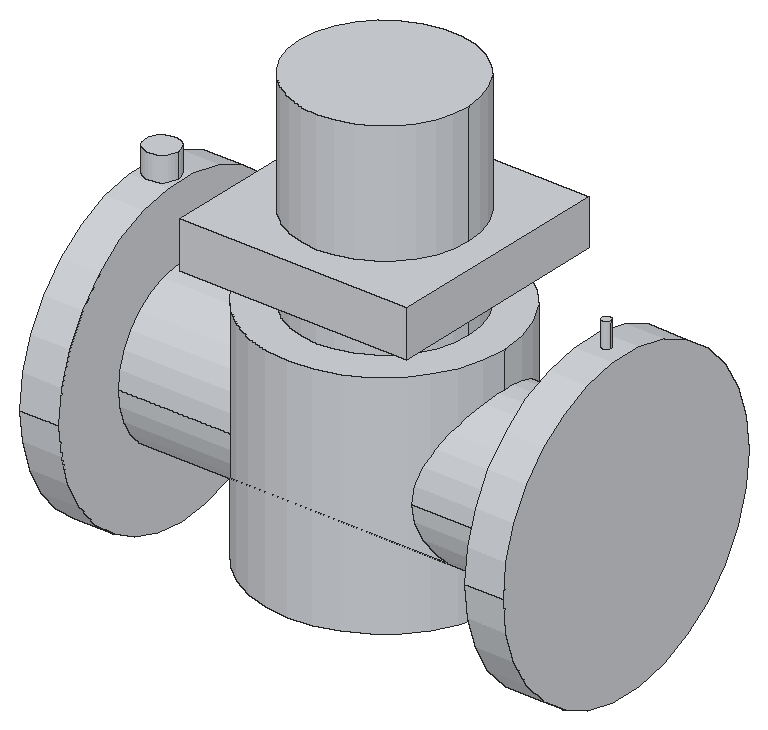
Revit family "PV_Compact_PN16_DN200_(20-100kPa)_RFA_2018", category Pipe Accessories, Revit 2018
Family settings
  Round Connector Dimension = Use Diameter
  Part Type = Valve - Breaks Into
  Work Plane-Based = No
  Always vertical = Yes
  Cut with Voids When Loaded = No
  Shared = No
Parameters (values of type "PV Compact PN16 DN200 (20-100kPa)")
  magiProductId = "073b87d1a570497386745af6d59d88"
  magiProductFamilyId = "23d1f353e6b1477a88f64fef0dfa1d"
  magiPartTypeId = 304
  isMeasuringValve [instance] = no
  ang2D [instance] = 0.00°
  W2D = 50 mm
  VersionID = "2.0/2018.12.13.2/FRESE_PV_COMPACT_BIG_Q13_001"
  Use Minimum Symbol Size [instance] = no
  URL = "www.hydronix.cz"
  Type Comments = "PŘÍRUBOVÝ; PN16; dpmax=1000kPa; -10~+110°C"
  R4 = 105 mm
  R3 = 98.8 mm
  R1 = 150 mm
  QmdConnectorList = "301;D;302;D"
  Productdata [instance] = ""
  Manufacturer = "Hydronix"
  Maintenance Zone Under Depth [instance] = 100 mm
  Maintenance Zone Right Depth [instance] = 100 mm
  Maintenance Zone Over Depth [instance] = 100 mm
  Maintenance Zone Left Depth [instance] = 100 mm
  Maintenance Zone Front Depth [instance] = 100 mm
  Maintenance Zone Back Depth [instance] = 100 mm
  Maintenance Zone Front Visibility [instance] = no
  MC Use Limits From Balancing Method = no
  MC Throttling Minimum Value = 0
  MC Throttling Maximum Value = 0
  MC Product Code = "53-3318 DN200 PN16; nastavitelný rozsah dp=20~100kPa; Q=30,7~123 m3/h;  kvs=275"
  MC Pressure Drop Minimum Value = 0.0 Pa
  MC Pressure Drop Maximum Value = 0.0 Pa
  MC Piping Given Pressure Drop [instance] = 0.0 Pa
  LF__ve = -LF  # -48 mm
  LF2 = 24 mm
  LF = 48 mm
  L4 = 282 mm
  L3 = 504 mm
  L2D_Min = 30.48 mm
  L2D = 230 mm
  L2 = 300 mm
  H6 = 150 mm
  H4 = 57 mm
  H3 = 47.5 mm
  H2 = 142.5 mm
  H1 = 285 mm
  Description = "Nastavitelný regulátor tlakové diference"
  DF2 = 190 mm
  D = 200 mm
  Clearance Zone Height Depth [instance] = 100 mm
  Clearance Zone Circular Radius [instance] = 300 mm
  Clearance Zone Visibility [instance] = no
  CAT0 = yes
Types (7, lengths in mm): name | magiProductId | Type Comments | R4 | R3 | R1 | MC Product Code | LF__ve | LF2 | LF | L4 | L3 | L2 | H6 | H4 | H3 | H2 | H1 | DF2 | D | Clearance Zone Circular Radius
  PV Compact PN16 DN050 (20-100kPa) | "00877ad72a9f485bb97ca64af9b4c2" | "PŘÍRUBOVÝ; PN16; dpmax=1000kPa; -10~+120°C" | 40.25 | 42.9 | 57.5 | "53-3300 DN50 PN16; nastavitelný rozsah dp=20~100kPa; Q=3,2~13 m3/h;  kvs=29" | -18.4 | 9.2 | 18.4 | 108.1 | 193.2 | 115 | 82.25 | 24.75 | 20.625 | 61.875 | 123.75 | 82.5 | 50 | 115
  PV Compact PN16 DN065 (20-100kPa) | "4caf92840fdb43d88ad3b460526bbd" | "PŘÍRUBOVÝ; PN16; dpmax=1000kPa; -10~+120°C" | 50.75 | 48.1 | 72.5 | "53-3303 DN65 PN16; nastavitelný rozsah dp=20~100kPa; Q=4,7~18,8 m3/h;  kvs=42" | -23.2 | 11.6 | 23.2 | 136.3 | 243.6 | 145 | 105.25 | 27.75 | 23.125 | 69.375 | 138.75 | 92.5 | 65 | 145
  PV Compact PN16 DN080 (20-100kPa) | "fe1ae4728650433e927a6ac465ecb1" | "PŘÍRUBOVÝ; PN16; dpmax=1000kPa; -10~+120°C" | 54.25 | 52 | 77.5 | "53-3306 DN80 PN16; nastavitelný rozsah dp=20~100kPa; Q=7,5~30 m3/h;  kvs=67" | -24.8 | 12.4 | 24.8 | 145.7 | 260.4 | 155 | 141 | 30 | 25 | 75 | 150 | 100 | 80 | 155
  PV Compact PN16 DN100 (20-100kPa) | "9ee8abb4b353443d9e820e5bd3bf33" | "PŘÍRUBOVÝ; PN16; dpmax=1000kPa; -10~+120°C" | 61.25 | 61.1 | 87.5 | "53-3309 DN100 PN16; nastavitelný rozsah dp=20~100kPa; Q=12,9~51,4 m3/h;  kvs=115" | -28 | 14 | 28 | 164.5 | 294 | 175 | 234.75 | 35.25 | 29.375 | 88.125 | 176.25 | 117.5 | 100 | 175
  PV Compact PN16 DN125 (20-100kPa) | "e22e3bcdfcda477085ce507150ab41" | "PŘÍRUBOVÝ; PN16; dpmax=1000kPa; -10~+120°C" | 70 | 70.2 | 100 | "53-3312 DN125 PN16; nastavitelný rozsah dp=20~100kPa; Q=19,0~76,0 m3/h;  kvs=170" | -32 | 16 | 32 | 188 | 336 | 200 | 225.5 | 40.5 | 33.75 | 101.25 | 202.5 | 135 | 125 | 200
  PV Compact PN16 DN150 (20-100kPa) | "c042f62d475c462ea84624600fc620" | "PŘÍRUBOVÝ; PN16; dpmax=1000kPa; -10~+120°C" | 84 | 74.1 | 120 | "53-3315 DN150 PN16; nastavitelný rozsah dp=20~100kPa; Q=28,0~112 m3/h;  kvs=250" | -38.4 | 19.2 | 38.4 | 225.6 | 403.2 | 240 | 256.25 | 42.75 | 35.625 | 106.875 | 213.75 | 142.5 | 150 | 240
  PV Compact PN16 DN200 (20-100kPa) | "073b87d1a570497386745af6d59d88" | "PŘÍRUBOVÝ; PN16; dpmax=1000kPa; -10~+110°C" | 105 | 98.8 | 150 | "53-3318 DN200 PN16; nastavitelný rozsah dp=20~100kPa; Q=30,7~123 m3/h;  kvs=275" | -48 | 24 | 48 | 282 | 504 | 300 | 150 | 57 | 47.5 | 142.5 | 285 | 190 | 200 | 300
Reference planes
  plane 1 "Center (Front/Back)": y = 0
  plane 2 "XYPLANE": z = 0
  plane 3 "Center (Left/Right)": x = 0
  plane 4 "257": y = -190
  plane 5 "256": y = 190
  plane 6 "255": z = -190
  plane 7 "254": y = -290
  plane 8 "253": y = 290
  plane 9 "252": x = -400
  plane 10 "251": x = 400
  plane 11 "250": z = 497
  plane 12 "249": z = -290
  plane 13 "248": z = 497
  plane 14 "247": z = 397
  plane 15 "157": x = 276
  plane 16 "156": x = -276
  plane 17 "155": z = 190
  plane 18 "154": z = 247
  plane 19 "153": z = 190
  plane 20 "152": z = 142.5
  plane 21 "151": x = -252
  plane 22 "150": z = -142.5
  plane 23 "149": x = 0
  plane 24 "148": y = 0
  plane 25 "147": z = 0
  plane 26 "146": x = -300
  plane 27 "145": x = 300
Forms (mm)
  Blend 1, solid, visible <- "Maintenance Zone Front Visibility"
    base sketch origin (-750, 0, -290) x (1, 0, 0) y (0, 1, 0)
      loop
        line (350, 290) -> (350, -290) -> (1150, -290) -> (1150, 290) -> (350, 290)
    top sketch origin (-750, 0, -290) x (1, 0, 0) y (0, 1, 0)
      loop
        line (350, 290) -> (350, -290) -> (1150, -290) -> (1150, 290) -> (350, 290)
    from 0 to 787
  Blend 2, solid, visible <- "Clearance Zone Visibility"
    base sketch origin (-750, 0, 0) x (1, 0, 0) y (0, 1, 0)
      loop
        circle (750, 0) r 300
    top sketch origin (-750, 0, 0) x (1, 0, 0) y (0, 1, 0)
      loop
        circle (750, 0) r 300
    from 0 to 497
  Extrusion 3, solid, visible <- "CAT0"
    sketch origin (-750, 0, 190) x (1, 0, 0) y (0, 1, 0)
      loop
        circle (1026, 0) r 5.5
    from 0 to 30
  Extrusion 4, solid, visible <- "CAT0"
    sketch origin (-750, 0, 190) x (1, 0, 0) y (0, 1, 0)
      loop
        circle (474, 0) r 20.3
    from 0 to 30
  Extrusion 5, solid
    sketch origin (-750, 0, 247) x (1, 0, 0) y (0, 1, 0)
      loop
        circle (750, 0) r 105
    from 0 to 150 <- "H6"
  Extrusion 6, solid, visible <- "CAT0"
    sketch origin (-750, 0, 190) x (1, 0, 0) y (0, 1, 0)
      loop
        line (891, 141) -> (609, 141) -> (609, -141) -> (891, -141) -> (891, 141)
    from 0 to 57 <- "H4"
  Extrusion 7, solid, visible <- "CAT0"
    sketch origin (-750, 0, 142.5) x (1, 0, 0) y (0, 1, 0)
      loop
        circle (750, 0) r 105
    from 0 to 47.5 <- "H3"
  Extrusion 8, solid, visible <- "CAT0"
    sketch origin (-252, -750, 0) x (0, 1, 0) y (0, 0, 1)
      loop
        circle (750, 0) r 98.8
    from 0 to 504 <- "L3"
  Extrusion 9, solid, visible <- "CAT0"
    sketch origin (-750, 0, -142.5) x (1, 0, 0) y (0, 1, 0)
      loop
        circle (750, 0) r 150
    from 0 to 285 <- "H1"
  Extrusion 10, solid, visible <- "CAT0"
    sketch origin (-300, -750, 0) x (0, 1, 0) y (0, 0, 1)
      loop
        circle (750, 0) r 190
    from 0 to 48 <- "LF"
  Extrusion 11, solid, visible <- "CAT0"
    sketch origin (300, -750, 0) x (0, 1, 0) y (0, 0, 1)
      loop
        circle (750, 0) r 190
    from 0 to -48 <- "LF__ve"
  Extrusion 12, solid, not visible
    sketch origin (-300, -750, 0) x (0, 1, 0) y (0, 0, 1)
      loop
        circle (750, 0) r 10
    from 0 to 10
  Extrusion 13, solid, not visible
    sketch origin (300, -750, 0) x (0, 1, 0) y (0, 0, 1)
      loop
        circle (750, 0) r 10
    from 0 to -10
Lines and regions (mm)
  reference lines, not visible
    curve 1: circle (2, 2, 0) r 1 normal (0, 0, 1)
  reference lines
    curve 2: circle (0, 0, 190) r 1 normal (0, 0, 1)
Dimensions and locks
  plane 1 "Center (Front/Back)" to curve 1 = 2 mm
  "DF2": plane 24 "148" to plane 4 "257"
  "DF2": plane 24 "148" to plane 5 "256"
  "DF2": plane 25 "147" to plane 6 "255"
  "Maintenance Zone Front Depth": plane 4 "257" to plane 7 "254"
  "Maintenance Zone Back Depth": plane 5 "256" to plane 8 "253"
  "Maintenance Zone Left Depth": plane 26 "146" to plane 9 "252"
  "Maintenance Zone Right Depth": plane 27 "145" to plane 10 "251"
  "Maintenance Zone Over Depth": plane 14 "247" to plane 11 "250"
  "Maintenance Zone Under Depth": plane 6 "255" to plane 12 "249"
  "Clearance Zone Height Depth": plane 14 "247" to plane 13 "248"
  "H6": plane 18 "154" to plane 14 "247"
  "LF2": plane 27 "145" to plane 15 "157"
  "LF2": plane 26 "146" to plane 16 "156"
  "DF2": plane 2 "XYPLANE" to plane 17 "155"
  "H4": plane 19 "153" to plane 18 "154"
  "H3": plane 20 "152" to plane 19 "153"
  "H1": plane 22 "150" to plane 20 "152"
  "LF": plane 26 "146" to plane 21 "151"
  "H2": plane 2 "XYPLANE" to plane 22 "150"
  locked: plane 3 "Center (Left/Right)" to plane 23 "149"
  locked: plane 1 "Center (Front/Back)" to plane 24 "148"
  locked: plane 2 "XYPLANE" to plane 25 "147"
  "L2": plane 3 "Center (Left/Right)" to plane 26 "146"
  "L2": plane 3 "Center (Left/Right)" to plane 27 "145"
  Blend 1 sketch curve to Blend 1 sketch curve = 0 mm  (x16)
  equal spacing: Extrusion 6 sketch curve, curve 2, Extrusion 6 sketch curve  (x2)
  "L4": Extrusion 6 sketch curve to Extrusion 6 sketch curve  (x2)
  Extrusion 6 sketch curve to Extrusion 6 sketch curve = 0 mm  (x8)
  "Clearance Zone Circular Radius": radius of Blend 2 sketch curve  (x2)
  "R4": radius of Extrusion 5 sketch curve
  "R4": radius of Extrusion 7 sketch curve
  "R3": radius of Extrusion 8 sketch curve
  "R1": radius of Extrusion 9 sketch curve
  "DF2": radius of Extrusion 10 sketch curve
  "DF2": radius of Extrusion 11 sketch curve
  aligned and locked: level to plane 2 "XYPLANE"
  aligned and locked: Blend 1 sketch curve to plane 8 "253"  (x2)
  aligned and locked: plane 9 "252" to Blend 1 sketch curve  (x4)
  aligned and locked: plane 10 "251" to Blend 1 sketch curve  (x4)
  aligned and locked: plane 8 "253" to Blend 1 sketch curve  (x2)
  aligned and locked: plane 7 "254" to Blend 1 sketch curve  (x4)
  aligned and locked: plane 11 "250" to Blend 1
  aligned and locked: plane 23 "149" to Blend 2 sketch curve  (x2)
  aligned and locked: plane 24 "148" to Blend 2 sketch curve  (x2)
  aligned and locked: plane 13 "248" to Blend 2
  aligned and locked: plane 15 "157" to Extrusion 3 sketch curve
  aligned and locked: plane 24 "148" to Extrusion 3 sketch curve
  aligned and locked: plane 16 "156" to Extrusion 4 sketch curve
  aligned and locked: plane 24 "148" to Extrusion 4 sketch curve
  aligned and locked: plane 23 "149" to Extrusion 5 sketch curve
  aligned and locked: plane 24 "148" to Extrusion 5 sketch curve
  aligned and locked: plane 23 "149" to curve 2
  aligned and locked: plane 24 "148" to curve 2
  aligned and locked: plane 23 "149" to Extrusion 7 sketch curve
  aligned and locked: plane 24 "148" to Extrusion 7 sketch curve
  aligned and locked: Extrusion 8 sketch curve to plane 24 "148"
  aligned and locked: plane 25 "147" to Extrusion 8 sketch curve
  aligned and locked: plane 23 "149" to Extrusion 9 sketch curve
  aligned and locked: plane 24 "148" to Extrusion 9 sketch curve
  aligned and locked: Extrusion 10 sketch curve to plane 24 "148"
  aligned and locked: plane 25 "147" to Extrusion 10 sketch curve
  aligned and locked: Extrusion 11 sketch curve to plane 24 "148"
  aligned and locked: plane 25 "147" to Extrusion 11 sketch curve
  aligned and locked: Extrusion 12 sketch curve to plane 24 "148"
  aligned and locked: plane 25 "147" to Extrusion 12 sketch curve
  aligned and locked: Extrusion 13 sketch curve to plane 24 "148"
  aligned and locked: plane 25 "147" to Extrusion 13 sketch curve
Automatic sketch dimensions
  Extrusion 3 sketch curve to plane 15 "157" = 5.5 mm
  plane 26 "146" to Extrusion 4 sketch curve = 3.7 mm
  plane 1 "Center (Front/Back)" to Extrusion 12 sketch curve = 10 mm
  plane 1 "Center (Front/Back)" to Extrusion 13 sketch curve = 10 mm
  plane 3 "Center (Left/Right)" to curve 1 = 2 mm
  plane 21 "151" to Extrusion 6 sketch curve = 111 mm
  plane 4 "257" to Extrusion 6 sketch curve = 49 mm
  radius of curve 2 = 1 mm
  radius of curve 1 = 1 mm
Connectors
  piping at (-300, 0, 0), diameter 200, driven by "D"
    settings: on Extrusion 12, index 1, connector inside diameter 609.6 mm, connector length 0 mm, flow factor 0, pipe flow 0.0 L/s, pressure drop 0.0 Pa, fitting loss kfactor 0, connector angle 0.00°, fixture units 0, engagement length 0 mm, angle of deflection 0.00°, flow configuration 0, flow direction 0, fitting loss method 0, system type 29, joint type 0, gender type 0, connector reference index 2, connector utility 0, adjustable connector no, is connector primary yes, connector description ""
  piping at (300, 0, 0), diameter 200, driven by "D"
    settings: on Extrusion 13, index 2, connector inside diameter 609.6 mm, connector length 0 mm, flow factor 0, pipe flow 0.0 L/s, pressure drop 0.0 Pa, fitting loss kfactor 0, connector angle 0.00°, fixture units 0, engagement length 0 mm, angle of deflection 0.00°, flow configuration 0, flow direction 0, fitting loss method 0, system type 29, joint type 0, gender type 0, connector reference index 1, connector utility 0, adjustable connector no, is connector primary no, connector description ""
